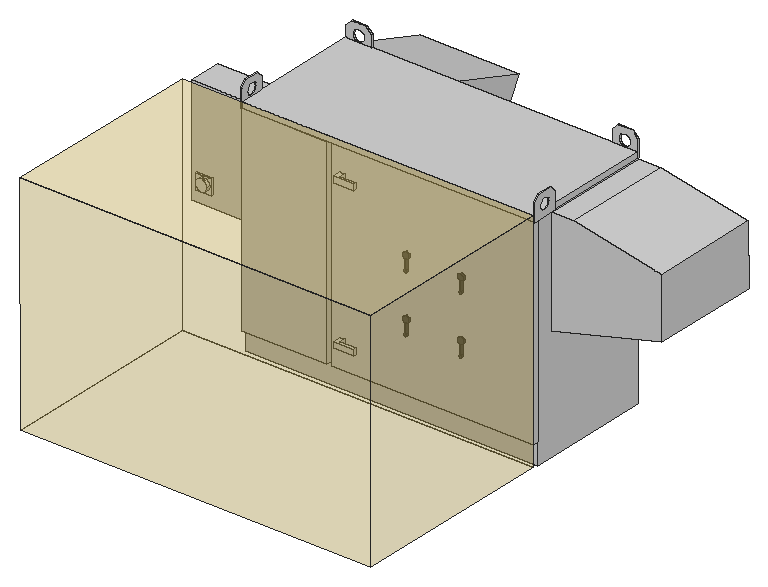
Revit family "Ventilator-RenewAire-Energy-Recovery-HE1XRTR", category Mechanical Equipment, Revit 2015
Parameters (values of type "0.75 HP 120V Single Phase")
  Voltage = "120"
  Ventilation Type = "Static Plate, Heat and Humidity Transfer"
  Unit Width = "40-1/4\""
  Unit Weight = "276-366 lbs."
  Unit Length = "81\""
  Unit Height = "44\""
  Unit = Metal - RenewAire - Anodized - Gray Text
  URL = "www.renewaire.com"
  Typical Airflow Range = "250 - 870 CFM"
  Standard Features = "Non-Fused Disconnect, 24VAC Transformer/Relay Package"
  Shipping Weight = "458 lbs."
  Service Area Visibility = yes
  Service Area Box = Interference - RenewAire - Smooth - Light - Gold
  Revit Object Download Link = ""
  Phase = "Single"
  Options = "Qty. 2 EC Motor (see HEX1RT EC Motor submittal) - 0.5 HP 120V/1Ph/60Hz, 0.5 HP 208-230V/1Ph/60Hz, Integrated programmable controls, Fused disconnect, Double wall construction, Factory supplied and mounted variable frequency drives (VFDs) – one or both airstreams, Class 1 low leakage motorized isolation dampers – OA, RA or both airstreams, Qty. 2 Factory mounted filter alarms, Independent blower control, Exterior Paint - white, custom colors"
  Number Motors = "Qty. 2, 0.75 HP ea., Direct drive blower/standard motor packages"
  Model = "HE1XRTR"
  Minimum Circuit Amps = "20.3"
  Maximum Overcurrent Protection = "25 A"
  Max. Shipping Width = "47\""
  Max. Shipping Length = "96\""
  Max. Shipping Height = "50\""
  Manufacturer = "RenewAire LLC"
  Frequency = "60 HZ"
  FLA per Motor = "9.0"
  Description = "Energy Recovery Ventilator"
  Accessories = "Filters - MERV 13, 2\" (shipped loose), Backdraft damper 12\", Solid state speed control kit - 115V, Qty. 1, 208-230V, Qty. 1, Roof curb - standard 14\", Curb wind clip, Engineered combo curb for Trane RTU, Engineered combo curb for Carrier RTU, Digital time clock - wall mount(TC7D-W), in exterior enclosure (TC7D-E), Motion occupancy control - ceiling mount(MC-C), wall mount(MC-W), Carbon dioxide control - wall mount (CO2-W), duct mount(CO2-D), Electric duct heater – EK series (1-60 KW); designed for indoor ductwork installation only, Indirect gas-fired duct furnace - GH Series (50-400 MBH), installed downstream of any fans"
  AHRI 1060 Certified Core = "One L125-G5"
Types (6): name | Voltage | Phase | Options | Minimum Circuit Amps | Maximum Overcurrent Protection | FLA per Motor
  (no name) | "120" | "Single" | "Qty. 2 EC Motor (see HEX1RT EC Motor submittal) - 0.5 HP 120V/1Ph/60Hz, 0.5 HP 208-230V/1Ph/60Hz, Integrated programmable controls, Fused disconnect, Double wall construction, Factory supplied and mounted variable frequency drives (VFDs) – one or both airstreams, Class 1 low leakage motorized isolation dampers – OA, RA or both airstreams, Qty. 2 Factory mounted filter alarms, Independent blower control, Exterior Paint - white, custom colors" | "20.3" | "25 A" | "9.0"
  0.75 HP 120V Single Phase | "120" | "Single" | "Qty. 2 EC Motor (see HEX1RT EC Motor submittal) - 0.5 HP 120V/1Ph/60Hz, 0.5 HP 208-230V/1Ph/60Hz, Integrated programmable controls, Fused disconnect, Double wall construction, Factory supplied and mounted variable frequency drives (VFDs) – one or both airstreams, Class 1 low leakage motorized isolation dampers – OA, RA or both airstreams, Qty. 2 Factory mounted filter alarms, Independent blower control, Exterior Paint - white, custom colors" | "20.3" | "25 A" | "9.0"
  0.75 HP 208-230V Single Phase | "208-230" | "Single" | "Qty. 2 EC Motor (see HE1XRT EC Motor submittal) - 0.5 HP 120V/1Ph/60Hz, 0.5 HP 208-230V/1Ph/60Hz, Integrated programmable controls, Fused disconnect, Double wall construction, Factory supplied and mounted variable frequency drives (VFDs) – one or both airstreams, Class 1 low leakage motorized isolation dampers – OA, RA or both airstreams, Qty. 2 Factory mounted filter alarms, Independent blower control, Exterior Paint - white, custom colors" | "10.1 A" | "15 A" | "4.5"
  0.75 HP 277V Single Phase | "277" | "Single" | "Qty. 2 EC Motor (see HE1XRT EC Motor submittal) - 0.5 HP 120V/1Ph/60Hz, 0.5 HP 208-230V/1Ph/60Hz, Integrated programmable controls, Fused disconnect, Double wall construction, Factory supplied and mounted variable frequency drives (VFDs) – one or both airstreams, Class 1 low leakage motorized isolation dampers – OA, RA or both airstreams, Qty. 2 Factory mounted filter alarms, Independent blower control, Exterior Paint - white, custom colors" | "8.8 A" | "15 A" | "3.9"
  0.75 HP 208-230V Three Phase | "208-230" | "Three" | "Qty. 2 EC Motor (see HE1XRT EC Motor submittal) - 0.5 HP 120V/1Ph/60Hz, 0.5 HP 208-230V/1Ph/60Hz, Integrated programmable controls, Fused disconnect, Double wall construction, Factory supplied and mounted variable frequency drives (VFDs) – one or both airstreams, Class 1 low leakage motorized isolation dampers – OA, RA or both airstreams, Qty. 2 Factory mounted filter alarms, Independent blower control, Exterior Paint - white, custom colors" | "5.2 A" | "15 A" | "1.7-2.3"
  0.75 HP 460V Three Phase | "460" | "Three" | "Qty. 2 EC Motor (see HE1XRT EC Motor submittal) - 0.5 HP 120V/1Ph/60Hz, 0.5 HP 208-230V/1Ph/60Hz, Integrated programmable controls, Fused disconnect, Double wall construction, Factory supplied and mounted variable frequency drives (VFDs) – one or both airstreams, Class 1 low leakage motorized isolation dampers – OA, RA or both airstreams, Qty. 2 Factory mounted filter alarms, Independent blower control, Exterior Paint - white, custom colors" | "2.6 A" | "15 A" | "1.15"
Reference planes (in)
  plane 1 "Center (Front/Back)": y = 0
  plane 2: z = 0
  plane 3 "Center (Left/Right)": x = 0
Forms (in)
  Extrusion 1, solid, material "Metal - RenewAire - Anodized - Gray Text" <- "Unit"
    sketch origin (0, 0, 0) x (1, 0, 0) y (0, 1, 0)
      loop
        line (-26.4375, 11.5) -> (-26.4375, -10.375) -> (24.5625, -10.375) -> (24.5625, 11.5) -> (-26.4375, 11.5)
    from 0 to 38.5
  Extrusion 2, solid, material "Metal - RenewAire - Anodized - Gray Text"
    sketch origin (-2.6875, 0, 3.625) x (1, 0, 0) y (0, 0, 1)
      loop
        line (27.25, 34.875) -> (-8, 34.875) -> (-8, 0) -> (27.25, 0) -> (27.25, 34.875)
      loop
        line (-23.75, 34.875) -> (-23.75, 0) -> (-8.76605, 0) -> (-8.76605, 34.875) -> (-23.75, 34.875)
    from 10.375 to 11.375
  Extrusion 3, solid, material "Metal - RenewAire - Anodized - Gray Text"
    sketch origin (-13.375, 0, 2.565) x (1, 0, 0) y (0, 0, 1)
      loop
        line (-22.3125, 21.875) -> (-22.3125, 19.185) -> (-19.6225, 19.185) -> (-19.6225, 21.875) -> (-22.3125, 21.875)
    from 9.5 to 9.75
  Extrusion 4, solid, material "Metal - RenewAire - Anodized - Gray Text"
    sketch origin (-13.375, 0, 2.565) x (1, 0, 0) y (0, 0, 1)
      loop
        circle (-20.9675, 20.53) r 1
    from 10.25 to 9.75
  Extrusion 5, solid, material "Interference - RenewAire - Smooth - Light - Gold" <- "Service Area Box", visible <- "Service Area Visibility"
    sketch origin (-1.875, 0, 4.625) x (1, 0, 0) y (0, 0, 1)
      loop
        line (-34.8125, 34.875) -> (-34.8125, -4.625) -> (26.4375, -4.625) -> (26.4375, 34.875) -> (-34.8125, 34.875)
    from 11.375 to 46.875
  Extrusion 6, solid, material "Metal - RenewAire - Anodized - Gray Text" <- "Unit"
    sketch origin (0, 0, 0) x (1, 0, 0) y (0, 0, 1)
      loop
        line (-26.4375, 39.5) -> (-26.4375, 38.5) -> (24.5625, 38.5) -> (24.5625, 39.5) -> (-26.4375, 39.5)
    from -11.5 to 11.375
  Extrusion 7, solid, material "Metal - RenewAire - Anodized - Gray Text" <- "Unit"
    sketch origin (0, 0, 0) x (0, 1, 0) y (0, 0, 1)
      loop
        line (10.25, 16.875) -> (-5.75, 16.875) -> (-5.75, 4.875) -> (10.25, 4.875) -> (10.25, 16.875)
      loop
        line (10, 16.625) -> (-5.5, 16.625) -> (-5.5, 5.125) -> (10, 5.125) -> (10, 16.625)
    from -27.4375 to -26.4375
  Extrusion 8, void
    sketch origin (0, 0, 0) x (1, 0, 0) y (0, 1, 0)
      loop
        line (9.1875, 7.625) -> (9.1875, -4.875) -> (19.4375, -4.875) -> (19.4375, 7.625) -> (9.1875, 7.625)
    from -3.02009 to 3.75
  Extrusion 9, solid, material "Metal - RenewAire - Anodized - Gray Text" <- "Unit"
    sketch origin (0, 0, 0) x (1, 0, 0) y (0, 0, 1)
      loop
        line (-26.4375, 38.5) -> (-36.6875, 38.5) -> (-36.6875, 19.75) -> (-26.4375, 19.75) -> (-26.4375, 38.5)
    from 3.75 to 9.5
  Extrusion 10, solid, material "Metal - RenewAire - Anodized - Gray Text" <- "Unit"
    sketch origin (0, 0, 0) x (1, 0, 0) y (0, 0, 1)
      loop
        line (24.5625, 38.375) -> (24.5625, 19.875) -> (43.8125, 24.875) -> (43.8125, 35.375) -> (28.5625, 38.375) -> (24.5625, 38.375)
    from -11.5 to 7.5
  Extrusion 11, solid, material "Metal - RenewAire - Anodized - Gray Text" <- "Unit"
    sketch origin (0, 0, 0) x (0, 1, 0) y (0, 0, 1)
      loop
        line (11.5, 22.625) -> (17.375, 22.625) -> (23.875, 26.125) -> (27.625, 32.75) -> (11.5, 38.5) -> (11.5, 22.625)
    from -26.4375 to -9.1875
  Extrusion 12, solid, material "Metal - RenewAire - Anodized - Gray Text" <- "Unit"
    sketch origin (0, 0, 0) x (0, 1, 0) y (0, 0, 1)
      loop
        line (-11.375, 38.5) -> (-6.875, 38.5) -> (-6.875, 41.5) -> (-7.875, 42.5) -> (-10.375, 42.5) -> (-11.375, 41.5) -> (-11.375, 38.5)
      loop
        circle (-9.125, 40.5) r 1
    from 24.5625 to 24.75
  Extrusion 13, solid, material "Metal - RenewAire - Anodized - Gray Text" <- "Unit"
    sketch origin (0, 0, 0) x (0, 1, 0) y (0, 0, 1)
      loop
        line (-11.375, 38.5) -> (-6.875, 38.5) -> (-6.875, 41.5) -> (-7.875, 42.5) -> (-10.375, 42.5) -> (-11.375, 41.5) -> (-11.375, 38.5)
      loop
        circle (-9.125, 40.5) r 1
    from -26.625 to -26.4375
  Extrusion 14, solid, material "Metal - RenewAire - Anodized - Gray Text" <- "Unit"
    sketch origin (0, 0, 0) x (1, 0, 0) y (0, 0, 1)
      loop
        line (-26.4375, 38.5) -> (-21.9375, 38.5) -> (-21.9375, 41.5) -> (-22.9375, 42.5) -> (-25.4375, 42.5) -> (-26.4375, 41.5) -> (-26.4375, 38.5)
      loop
        circle (-24.1875, 40.5) r 1
    from -11.6875 to -11.5
  Extrusion 15, solid, material "Metal - RenewAire - Anodized - Gray Text" <- "Unit"
    sketch origin (46.5, 0, 0) x (1, 0, 0) y (0, 0, 1)
      loop
        line (-26.4375, 38.5) -> (-21.9375, 38.5) -> (-21.9375, 41.5) -> (-22.9375, 42.5) -> (-25.4375, 42.5) -> (-26.4375, 41.5) -> (-26.4375, 38.5)
      loop
        circle (-24.1875, 40.5) r 1
    from -11.6875 to -11.5
  Extrusion 16, solid, material "Metal - RenewAire - Anodized - Gray Text" <- "Unit"
    sketch origin (1.5, 0, 0) x (1, 0, 0) y (0, 1, 0)
      loop
        line (-10.6875, -11.375) -> (-10.6875, -12.875) -> (-7.1875, -12.875) -> (-7.1875, -12.375) -> (-9.9375, -12.375) -> (-9.9375, -11.375) -> (-10.6875, -11.375)
    from 33.5 to 34.5
  Extrusion 17, solid, material "Metal - RenewAire - Anodized - Gray Text" <- "Unit"
    sketch origin (1.5, 0, 0) x (1, 0, 0) y (0, 1, 0)
      loop
        line (-10.6875, -11.375) -> (-10.6875, -12.875) -> (-7.1875, -12.875) -> (-7.1875, -12.375) -> (-9.9375, -12.375) -> (-9.9375, -11.375) -> (-10.6875, -11.375)
    from 7.625 to 8.625
  Extrusion 18, void
    sketch origin (0, 0, 0) x (1, 0, 0) y (0, 1, 0)
      loop
        line (-25.9375, 11) -> (-25.9375, -9.875) -> (24.0625, -9.875) -> (24.0625, 11) -> (-25.9375, 11)
    from 0 to 3.625
Cuts and joins
  Extrusion 8, Extrusion 18 cuts Extrusion 1
Dimensions and locks (in)
  aligned and locked: level to plane 2
  aligned and locked: nested 1 to Extrusion 5
  aligned and locked: Extrusion 6 to Extrusion 1
Nested families (in)
  nested 1: "Monitoring Port" at (2.4375, -11.375, 13), type "Monitoring Port"
  nested 2: "Monitoring Port" at (2.4375, -11.375, 23), type "Monitoring Port"
  nested 3: "Monitoring Port" at (12.0625, -11.375, 13), type "Monitoring Port"
  nested 4: "Monitoring Port" at (12.0625, -11.375, 23), type "Monitoring Port"
Connectors (in)
  hvac at (14.3125, 1.375, 3.75)
    settings: on cut or joined group of Extrusion 1, Extrusion 8, Extrusion 18, index 2, duct flow 0 CFM, flow factor 0, pres drop 0.00 in-wg, loss coef 0, conn angle 0.00°, conn width 12 1/2", conn height 10 1/4", conn diameter 24", duct sys type 2, conn prof type 1, flow config 0, flow direction 1, loss method 0, conn ref index -1, conn util no, is conn primary yes, conn desc "RA (Return Air)"
  hvac at (-27.4375, 2.25, 10.875)
    settings: on Extrusion 7, index 4, duct flow 0 CFM, flow factor 0, pres drop 0.00 in-wg, loss coef 0, conn angle 0.00°, conn width 16", conn height 12", conn diameter 24", duct sys type 1, conn prof type 1, flow config 0, flow direction 2, loss method 0, conn ref index -1, conn util no, is conn primary no, conn desc "FA (Fresh Air)"
Definition of nested family "Monitoring Port"
  Parameters
    URL = "www.renewaire.com"
    Revit Object Download Link = ""
    Model = ""
    Manufacturer = "RenewAire LLC"
    Description = "Monitoring Ports"
  Reference planes (in)
    plane 1 "Center (Front/Back)": y = 0
    plane 2: z = 0
    plane 3 "Center (Left/Right)": x = 0
  Forms (in)
    Extrusion 1, solid
      sketch origin (-9.43348, 0, 37.76669) x (-1, 0, 0) y (0, 0, -1)
        loop
          line (-9.53348, 35.65895) -> (-9.94097, 35.42369) -> (-9.94097, 34.83769) -> (-9.43348, 34.54469) -> (-8.92599, 34.83769) -> (-8.92599, 35.42369) -> (-9.33348, 35.65895) -> (-9.33348, 37.28756)
          arc (-9.33348, 37.28756) -> (-9.43348, 37.76669) -> (-9.53348, 37.28756) r 0.25
          line (-9.53348, 37.28756) -> (-9.53348, 35.65895)
      from 0 to 0.25
  Dimensions and locks (in)
    aligned and locked: level to plane 2
